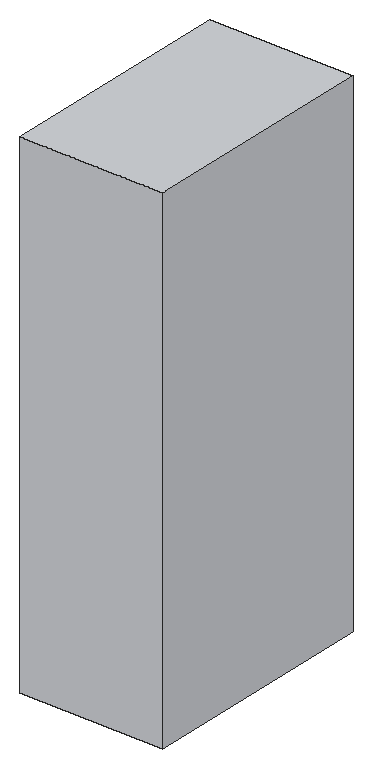
Revit family "SB13_RTU機櫃_600x1000x2100", category 電氣設備, Revit 2025
Family settings
  面板規劃 = 兩欄，回路穿越
  圓形接點標註 = 使用直徑
  組件類型 = 分電盤
  OmniClass 編號 = 23.80.30.11.17
  OmniClass 標題 = Distribution Boards and Control Panels
  以工作平面為基礎 = 否
  總是垂直 = 是
  載入時使用空心切割 = 否
  維持標註方位 = 否
  共用 = 否
  房間計算點 = 否
Parameters (values of type "RTU 與網路機櫃")
  built-in parameter 1155100 [instance] = -1
  Default Elevation = 0 mm
  built-in parameter 1140142 [instance] = -1
  SCADA_高mm [instance] = "2100"
  SCADA_附錄F項次 [instance] = "16"
  SCADA_附錄D項次 [instance] = "7"
  SCADA_編號 [instance] = "SB13-COMS-RTU-01"
  SCADA_站點 [instance] = "SB13"
  SCADA_深mm [instance] = "1000"
  SCADA_機櫃類型 [instance] = "RTU 與網路機櫃"
  SCADA_期別 [instance] = "第一期"
  SCADA_房間 [instance] = "COMS/SCADA 設備室"
  SCADA_建物 [instance] = "車站"
  SCADA_尺寸 [instance] = "600W×1000D×2100H"
  SCADA_寬mm [instance] = "600"
  SCADA_定位來源 [instance] = "獨立設備族群（載入專案後定位）"
  SCADA_備註 [instance] = ""
  SCADA_來源文件 [instance] = "Installation SoW_V6（Rev.006, 2026-07-02）附錄 D / F；依原文顏色標示排除已刪除項目"
  SCADA_UPS電源110V [instance] = "雙 UPS 電源（2×4500VA）"
  built-in parameter 1140140 [instance] = 1 (stored number, unit not read)
Reference planes
  plane 1 "中心 (前/後)": y = 0
  plane 2: z = 0
  plane 3 "中心 (左/右)": x = 0
Forms (mm)
  Extrusion 1, solid
    sketch origin (0, 0, 0) x (1, 0, 0) y (0, 1, 0)
      loop
        line (-300, -500) -> (300, -500) -> (300, 500) -> (-300, 500) -> (-300, -500)
    from 0 to 2100
Lines and regions (mm)
  symbolic lines, style "開門線"
    curve 1: line (300, -500, 0) -> (300, -1100, 0)
    curve 2: arc (-300, -500, 0) -> (-124.264, -924.264, 0) -> (300, -1100, 0) r 600
    curve 3: line (-300, 500, 0) -> (-300, 1100, 0)
    curve 4: arc (300, 500, 0) -> (124.264, 924.264, 0) -> (-300, 1100, 0) r 600
Dimensions and locks
  aligned and locked: level to plane 2
